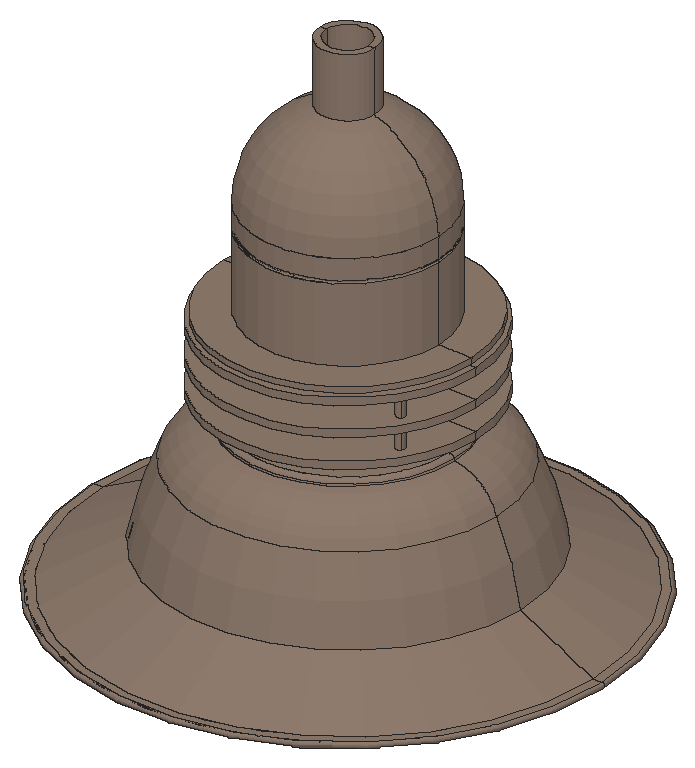
Revit family "BVB2007", category Generic Models, Revit 2014
Parameters
  GLASS = Glass
  FINS = Bronze, Architectural
  DETAIK = Bronze, Architectural
  BELL = Bronze, Architectural
Reference planes (in)
  plane 1 "Center (Front/Back)": y = 0
  plane 2: z = 0
  plane 3 "Center (Left/Right)": x = 0
Forms (in)
  Revolve 1, solid, material "Bronze, Architectural" <- "BELL"
    sketch origin (0, 0, 0) x (1, 0, 0) y (0, 0, 1)
      loop
        line (-1.0625, 19.27762) -> (-1.0625, 16.96408) -> (-0.8125, 16.96408) -> (-0.8125, 19.27762) -> (-1.0625, 19.27762)
      axis (0, 19.27762) -> (0, 16.96408)
    angle from 0 to 360
  Revolve 2, solid, material "Bronze, Architectural" <- "BELL"
    sketch origin (0, 0, 0) x (1, 0, 0) y (0, 0, 1)
      loop
        arc (-0.88506, 16.96408) -> (-2.79881, 15.7042) -> (-3.54025, 13.53625) r 3.54025
        line (-3.54025, 13.53625) -> (-3.54025, 12.75531)
        arc (-3.54025, 12.75531) -> (-3.50812, 12.70325) -> (-3.54025, 12.65119) r 0.05824
        line (-3.54025, 12.65119) -> (-3.54025, 9.78775) -> (-4.84181, 9.78775) -> (-4.84181, 9.5795) -> (-3.259, 9.5795) -> (-3.259, 9.78775) -> (-3.4465, 9.78775) -> (-3.4465, 12.60979)
        arc (-3.4465, 12.60979) -> (-3.41437, 12.70325) -> (-3.4465, 12.79671) r 0.15199
        line (-3.4465, 12.79671) -> (-3.4465, 13.53625)
        arc (-3.4465, 13.53625) -> (-2.72832, 15.64211) -> (-0.87307, 16.87033) r 3.4465
        line (-0.87307, 16.87033) -> (-0.38506, 16.87033) -> (-0.38506, 16.96408) -> (-0.88506, 16.96408)
      axis (0, 16.96408) -> (0, 9.5795)
    angle from 0 to 360
  Revolve 3, solid, material "Bronze, Architectural" <- "BELL"
    sketch origin (0, 0, 0) x (1, 0, 0) y (0, 0, 1)
      loop
        arc (-3.94801, 6.14337) -> (-4.07288, 6.10179) -> (-4.14787, 5.99364) r 0.20825
        line (-4.14787, 5.99364) -> (-4.165, 5.93512)
        arc (-4.165, 5.93512) -> (-5.1818, 5.48453) -> (-5.831, 4.5815) r 2.12182
        arc (-5.831, 4.5815) -> (-6.40166, 3.15657) -> (-6.76812, 1.666) r 10.98527
        line (-6.76812, 1.666) -> (-9.55768, 0.20825) -> (-9.89187, 0.20825)
        arc (-9.89187, 0.20825) -> (-9.996, 0.10412) -> (-9.89187, 0) r 0.10412
        line (-9.89187, 0) -> (-9.75376, 0) -> (-6.68353, 1.60443)
        arc (-6.68353, 1.60443) -> (-6.31879, 3.10794) -> (-5.7447, 4.5446) r 10.89152
        arc (-5.7447, 4.5446) -> (-5.10123, 5.42896) -> (-4.09207, 5.85057) r 2.02807
        line (-4.09207, 5.85057) -> (-4.0579, 5.9673)
        arc (-4.0579, 5.9673) -> (-4.01666, 6.02676) -> (-3.94801, 6.04962) r 0.1145
        line (-3.94801, 6.04962) -> (-2.69801, 6.04962) -> (-2.69801, 6.14337) -> (-3.94801, 6.14337)
      axis (0, 6.14337) -> (0, 0)
    angle from 0 to 360
  Revolve 4, solid, material "Glass" <- "GLASS"
    sketch origin (0, 0, 0) x (1, 0, 0) y (0, 0, 1)
      loop
        line (-3.35543, 6.14337) -> (-3.23043, 6.14337) -> (-3.23043, 9.5795) -> (-3.35543, 9.5795) -> (-3.35543, 6.14337)
      axis (0, 9.5795) -> (0, 6.14337)
    angle from 0 to 360
  Revolve 5, solid, material "Bronze, Architectural" <- "FINS"
    sketch origin (0, 0, 0) x (1, 0, 0) y (0, 0, 1)
      loop
        line (-3.35234, 9.50141) -> (-4.998, 9.50141) -> (-4.998, 9.21506) -> (-3.35234, 9.21506) -> (-3.35234, 9.50141)
      loop
        line (-3.35234, 8.38206) -> (-4.998, 8.38206) -> (-4.998, 8.09572) -> (-3.35234, 8.09572) -> (-3.35234, 8.38206)
      loop
        line (-3.35234, 7.26272) -> (-4.998, 7.26272) -> (-4.998, 6.97637) -> (-3.35234, 6.97637) -> (-3.35234, 7.26272)
      axis (0, 9.50141) -> (0, 6.97637)
    angle from 0 to 360
  Revolve 6, solid, material "Bronze, Architectural" <- "DETAIK"
    sketch origin (0, 4.39866, 0) x (0, -1, 0) y (0, 0, 1)
      loop
        line (-0.15619, 9.21506) -> (-0.15619, 7.26272) -> (0, 7.26272) -> (0, 9.21506) -> (-0.15619, 9.21506)
      axis (0, 9.21506) -> (0, 7.26272)
    angle from 0 to 360
  Revolve 7, solid, material "Bronze, Architectural" <- "DETAIK"
    sketch origin (3.80935, -2.19933, 0) x (-0.866025, 0.5, 0) y (0, 0, 1)
      loop
        line (-0.15619, 9.21506) -> (-0.15619, 7.26272) -> (0, 7.26272) -> (0, 9.21506) -> (-0.15619, 9.21506)
      axis (0, 9.21506) -> (0, 7.26272)
    angle from 0 to 360
  Revolve 8, solid, material "Bronze, Architectural" <- "DETAIK"
    sketch origin (-3.80935, -2.19933, 0) x (0.866025, 0.5, 0) y (0, 0, 1)
      loop
        line (-0.15619, 9.21506) -> (-0.15619, 7.26272) -> (0, 7.26272) -> (0, 9.21506) -> (-0.15619, 9.21506)
      axis (0, 9.21506) -> (0, 7.26272)
    angle from 0 to 360
Dimensions and locks (in)
  aligned and locked: plane 2 to level
